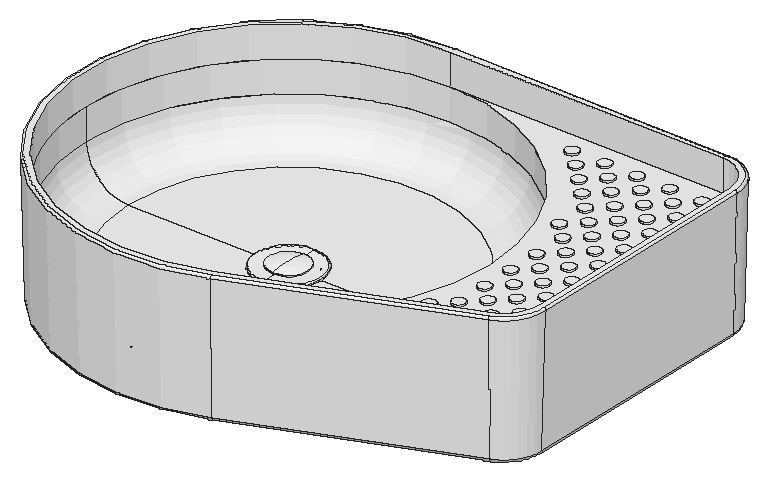
Revit family "Reece_Basin_LAUFEN_Val_Above Counter Basin_500 mm_Round", category Plumbing Fixtures, host Face, Revit 2018
Family settings
  Host = Face
  Round Connector Dimension = Use Diameter
  Part Type = Normal
  Cut with Voids When Loaded = Yes
  Shared = Yes
  Room Calculation Point = Yes
Parameters (values of type "500 mm_No Taphole_SaphirKeramik_White")
  WFU = 0
  URL = "https://www.reece.com.au/product/-9507981"
  Type Comments = "Basin"
  Reece_Taphole 1 = no
  Reece_Product_Web Page = "https://www.reece.com.au/product/-9507981"
  Reece_Product_Type = "Basin"  # constant formula
  Reece_Product_Sub Brand = "Val"  # constant formula
  Reece_Product_Number = "9507981"
  Reece_Product_Mount = "Above Counter"
  Reece_Product_Description = "LAUFEN Val Round Counter Basin with Overflow No Taphole 500mm White"
  Reece_Product_Brand = "LAUFEN"  # constant formula
  Reece_Overall_Width = 500 mm  # constant formula
  Reece_Overall_Height = 145 mm  # constant formula
  Reece_Overall_Depth = 400 mm  # constant formula
  Reece_Overall_Capacity = 3.50 L  # constant formula
  Reece_Material_Secondary = Reece_Brass_Chrome
  Reece_Material-Main = Reece_SaphirKeramik_White
  Reece_Detail_Installation = "Above Counter Basin"  # constant formula
  Reece_Detail_Disclaimer = "THIS FILE IS THE PROPERTY OF THE REECE GROUP. IT MAY NOT BE REPRODUCED, REVERSE-ENGINEERED OR MODIFIED. ANY REPUBLICATION, TRANSMISSION OR DISTRIBUTION FOR THE PURPOSE OF COMMERCIALLY EXPLOITING THE FILES IS PROHIBITED."  # constant formula
  Reece_Detail_Connector = "No Taphole"
  Reece_Detail_Additional = "Internal Texture, Overflow"  # constant formula
  Reece_Basin_Texture = yes
  Reece_Basin_Outlet = 40 mm  # constant formula
  Model = "Val"
  Manufacturer = "LAUFEN"
  Keynote = "Product #9507981, Reece_Basin_LAUFEN_Val_Above Counter Basin_500 mm_Round - 500 mm_No Taphole_SaphirKeramik_White"
  HWFU = 0
  Disclaimer = "THIS FILE IS THE PROPERTY OF THE REECE GROUP. IT MAY NOT BE REPRODUCED, REVERSE-ENGINEERED OR MODIFIED. ANY REPUBLICATION, TRANSMISSION OR DISTRIBUTION FOR THE PURPOSE OF COMMERCIALLY EXPLOITING THE FILES IS PROHIBITED."  # constant formula
  Description = "LAUFEN Val Round Counter Basin with Overflow No Taphole 500mm White"
  Default Elevation = 0 mm
  CWFU = 0
Types (3, lengths in mm): name | URL | Reece_Taphole 1 | Reece_Product_Web Page | Reece_Product_Number | Reece_Product_Description | Reece_Detail_Connector | Reece_Basin_Texture | Keynote | Description
  (no name) | "https://www.reece.com.au/product/-9506785" | yes | "https://www.reece.com.au/product/-9506785" | "9506785" | "LAUFEN Val Round Counter Basin with Overflow 1 Taphole 500mm White" | "1 Taphole" | no | "Product #9506785, Reece_Basin_LAUFEN_Val_Above Counter Basin_500 mm_Round -  " | "LAUFEN Val Round Counter Basin with Overflow 1 Taphole 500mm White"
  500 mm_No Taphole_SaphirKeramik_White | "https://www.reece.com.au/product/-9507981" | no | "https://www.reece.com.au/product/-9507981" | "9507981" | "LAUFEN Val Round Counter Basin with Overflow No Taphole 500mm White" | "No Taphole" | yes | "Product #9507981, Reece_Basin_LAUFEN_Val_Above Counter Basin_500 mm_Round - 500 mm_No Taphole_SaphirKeramik_White" | "LAUFEN Val Round Counter Basin with Overflow No Taphole 500mm White"
  500 mm_1 Taphole_SaphirKeramik_White | "https://www.reece.com.au/product/-9506785" | yes | "https://www.reece.com.au/product/-9506785" | "9506785" | "LAUFEN Val Round Counter Basin with Overflow 1 Taphole 500mm White" | "1 Taphole" | no | "Product #9506785, Reece_Basin_LAUFEN_Val_Above Counter Basin_500 mm_Round - 500 mm_1 Taphole_SaphirKeramik_White" | "LAUFEN Val Round Counter Basin with Overflow 1 Taphole 500mm White"
Reference planes
  plane 1 "Center (Front/Back)": y = -79.125
  plane 2 "Bottom": z = 0
  plane 3 "Center (Left/Right)": x = 0
  plane 4 "Top": z = 125
  plane 5: x = -200
  plane 6: x = 300
  plane 7: y = 120.875
  plane 8: y = -279.125
  plane 9: y = -174.125
  plane 10 "W": z = 25
  plane 11 "Texture": z = 95
  plane 12: z = -20
  plane 13: x = 235
  plane 14: y = 20.875
Forms (mm)
  Extrusion 1, solid, material "Reece_SaphirKeramik_White" <- "Reece_Material-Main"
    sketch origin (0, -79.125, 85) x (0.920155, 0.391555, 0) y (0, 0, 1)
      loop
        line (36.752, -104.8) -> (171.973, -92.655)
        arc (171.973, -92.655) -> (204.403, -76.593) -> (217.5, -42.856) r 50
        line (217.5, -42.856) -> (217.5, 0) -> (0, 0) -> (0, -105) -> (32.279, -105)
        arc (32.279, -105) -> (34.518, -104.95) -> (36.752, -104.8) r 50
    from -55 to 55
  Sweep 2, solid, material "Reece_SaphirKeramik_White" <- "Reece_Material-Main"
    path origin (0, 0, 0) x (1, 0, 0) y (0, 1, 0)
      loop
        arc (0, 120.875) -> (-196.362, -117.099) -> (74.566, -264.704) r 200
        line (74.566, -264.704) -> (274.913, -184.205)
        arc (274.913, -184.205) -> (293.14, -169.488) -> (300, -147.089) r 40
        line (300, -147.089) -> (300, 80.875)
        arc (300, 80.875) -> (288.284, 109.16) -> (260, 120.875) r 40
        line (260, 120.875) -> (0, 120.875)
    profile origin (300, -33.107, 0) x (1, 0, 0) y (0, 0, 1)
      loop
        line (-1.999, 125) -> (-7, 125) -> (-7, 0) -> (-5.265, 0)
        arc (-5.265, 0) -> (-3.87, 0.567) -> (-3.266, 1.946) r 2
        line (-3.266, 1.946) -> (0, 122.946)
        arc (0, 122.946) -> (-0.566, 124.395) -> (-1.999, 125) r 2
  Revolve 3, solid, material "Reece_SaphirKeramik_White" <- "Reece_Material-Main"
    sketch origin (0, -79.125, 0) x (1, 0, 0) y (0, 0, 1)
      loop
        line (-193, 95) -> (-195, 89.505) -> (-195, 48.845)
        arc (-195, 48.845) -> (-178.476, 27.906) -> (-153, 20) r 45
        line (-153, 20) -> (0, 20) -> (0, 25) -> (-153, 25)
        arc (-153, 25) -> (-181.284, 36.716) -> (-193, 65) r 40
        line (-193, 65) -> (-193, 95)
      axis (0, 20) -> (0, 95)
    angle from 0 to 360
  Extrusion 4, solid, material "Reece_SaphirKeramik_White" <- "Reece_Material-Main"
    sketch origin (0, 0, 125) x (-1, 0, 0) y (0, -1, 0)
      loop
        arc (0, -113.875) -> (-136.472, -57.347) -> (-193, 79.125) r 193
        arc (-193, 79.125) -> (-159.901, 187.202) -> (-71.957, 258.209) r 193
        line (-71.957, 258.209) -> (-272.303, 177.709)
        arc (-272.303, 177.709) -> (-287.341, 165.568) -> (-293, 147.089) r 33
        line (-293, 147.089) -> (-293, -80.875)
        arc (-293, -80.875) -> (-283.335, -104.21) -> (-260, -113.875) r 33
        line (-260, -113.875) -> (0, -113.875)
    from -30 to -35
  Extrusion 5, solid, material "Reece_SaphirKeramik_White" <- "Reece_Material-Main"
    sketch origin (0, 0, 0) x (1, 0, 0) y (0, 1, 0)
      loop
        circle (0, -79.125) r 26.59
      loop
        circle (0, -79.125) r 30
    from -20 to 21.288
  Extrusion 6, void
    sketch origin (619.2, -619.2, 0) x (1, 0, 0) y (0, 1, 0)
      loop
        circle (-619.2, 540.075) r 28.419
    from 25 to -20
  Revolve 7, void
    sketch origin (0, -79.125, 0) x (1, 0, 0) y (0, 0, 1)
      loop
        line (-195, 89.505) -> (-195, 48.845)
        arc (-195, 48.845) -> (-178.476, 27.906) -> (-153, 20) r 45
        line (-153, 20) -> (0, 20) -> (0, 89.505) -> (-195, 89.505)
      axis (0, 20) -> (0, 89.505)
    angle from 0 to 360
  Extrusion 8, void
    sketch origin (99.964, 387.255, 0) x (0.391555, -0.920155, 0) y (0, 0, 1)
      loop
        arc (350, 80) -> (345, 75) -> (350, 70) r 5
        line (350, 70) -> (430, 70)
        arc (430, 70) -> (435, 75) -> (430, 80) r 5
        line (430, 80) -> (350, 80)
    from 35.686 to 115.033
  Extrusion 9, void
    sketch origin (29.575, -5.735, 0) x (0.927519, -0.373776, 0) y (0.373776, 0.927519, 0)
      loop
        line (21.213, -100.338) -> (38.891, -118.016) -> (192.687, 35.78) -> (187.866, 40.601) -> (21.213, -100.338)
      loop
        line (-38.891, -40.234) -> (-21.213, -57.911) -> (119.725, 108.742) -> (114.905, 113.562) -> (-38.891, -40.234)
    from -52.331 to 186.339
  Extrusion 10, solid, material "Reece_SaphirKeramik_White" <- "Reece_Material-Main", detail levels fine
    sketch origin (0, 0, 95) x (-1, 0, 0) y (0, -1, 0)
      loop
        circle (-132.705, -93.606) r 6
      loop
        circle (-163.705, -93.606) r 6
      loop
        circle (-194.705, -93.606) r 6
      loop
        circle (-225.705, -93.606) r 6
      loop
        circle (-256.705, -93.606) r 6
      loop
        circle (-148.205, -78.106) r 6
      loop
        circle (-179.205, -78.106) r 6
      loop
        circle (-210.205, -78.106) r 6
      loop
        circle (-241.205, -78.106) r 6
      loop
        circle (-272.205, -78.106) r 6
      loop
        circle (-163.705, -62.606) r 6
      loop
        circle (-194.705, -62.606) r 6
      loop
        circle (-225.705, -62.606) r 6
      loop
        circle (-256.705, -62.606) r 6
      loop
        circle (-194.705, -31.606) r 6
      loop
        circle (-256.705, -31.606) r 6
      loop
        circle (-194.705, -0.606) r 6
      loop
        circle (-225.705, -0.606) r 6
      loop
        circle (-256.705, -0.606) r 6
      loop
        circle (-225.705, 30.394) r 6
      loop
        circle (-256.705, 30.394) r 6
      loop
        circle (-225.705, 61.394) r 6
      loop
        circle (-256.705, 61.394) r 6
      loop
        circle (-225.705, 92.394) r 6
      loop
        circle (-256.705, 92.394) r 6
      loop
        circle (-225.705, 123.394) r 6
      loop
        circle (-256.705, 123.394) r 6
      loop
        circle (-194.705, 154.394) r 6
      loop
        circle (-225.705, 154.394) r 6
      loop
        circle (-256.705, 154.394) r 6
      loop
        circle (-194.705, 185.394) r 6
      loop
        circle (-179.205, -47.106) r 6
      loop
        circle (-210.205, -47.106) r 6
      loop
        circle (-241.205, -47.106) r 6
      loop
        circle (-272.205, -47.106) r 6
      loop
        circle (-210.205, -16.106) r 6
      loop
        circle (-272.205, -16.106) r 6
      loop
        circle (-210.205, 14.894) r 6
      loop
        circle (-241.205, 14.894) r 6
      loop
        circle (-272.205, 14.894) r 6
      loop
        circle (-210.205, 45.894) r 6
      loop
        circle (-241.205, 45.894) r 6
      loop
        circle (-272.205, 45.894) r 6
      loop
        circle (-210.205, 76.894) r 6
      loop
        circle (-241.205, 76.894) r 6
      loop
        circle (-272.205, 76.894) r 6
      loop
        circle (-210.205, 107.894) r 6
      loop
        circle (-241.205, 107.894) r 6
      loop
        circle (-272.205, 107.894) r 6
      loop
        circle (-210.205, 138.894) r 6
      loop
        circle (-241.205, 138.894) r 6
      loop
        circle (-272.205, 138.894) r 6
      loop
        circle (-210.205, 169.894) r 6
      loop
        circle (-241.205, 169.894) r 6
    from 0 to 1
  Extrusion 11, void
    sketch origin (99.964, 387.255, 0) x (0.391555, -0.920155, 0) y (0, 0, 1)
      loop
        arc (350, 80) -> (345, 75) -> (350, 70) r 5
        line (350, 70) -> (430, 70)
        arc (430, 70) -> (435, 75) -> (430, 80) r 5
        line (430, 80) -> (350, 80)
    from 66.515 to 115.033
  Extrusion 12, void
    sketch origin (0, 0, 0) x (1, 0, 0) y (0, 1, 0)
      loop
        circle (0, -79.125) r 40
    from -20 to 20
  Extrusion 13, solid, material "Reece_SaphirKeramik_White" <- "Reece_Material-Main", visible <- "Reece_Basin_Texture", detail levels fine
    sketch origin (0, 0, 95) x (-1, 0, 0) y (0, -1, 0)
      loop
        circle (-241.205, -16.106) r 6
      loop
        circle (-225.705, -31.606) r 6
    from 0 to 1
  Extrusion 14, void
    sketch origin (0, 0, 0) x (1, 0, 0) y (0, 1, 0)
      loop
        arc (220.109, -58.993) -> (235.049, -45.556) -> (235.275, -25.465) r 25
        line (235.275, -25.465) -> (201.799, 53.204)
        arc (201.799, 53.204) -> (187.164, 66.972) -> (167.124, 65.523) r 25
        line (167.124, 65.523) -> (-20.44, -33.493)
        arc (-20.44, -33.493) -> (-43.18, -97.499) -> (18.709, -125.492) r 50.166
        line (18.709, -125.492) -> (220.109, -58.993)
    from 0 to -40
  Extrusion 15, void
    sketch origin (0, 0, 0) x (1, 0, 0) y (0, 1, 0)
      loop
        circle (0, -79.125) r 35
    from -80 to 0
Cuts and joins
  Extrusion 6, Revolve 7, Extrusion 9, Extrusion 11 cuts Extrusion 1
  Extrusion 6, Extrusion 11 cuts Sweep 2
  Extrusion 6, Extrusion 8, Extrusion 11 cuts Revolve 3
  Extrusion 6, Extrusion 11 cuts Extrusion 4
  Extrusion 11 cuts Extrusion 5
  joined: Extrusion 1, Sweep 2, Revolve 3, Extrusion 4, Extrusion 5
Lines and regions (mm)
  model lines, visible <- "Reece_Taphole 1"
    curve 1: circle (235, 20.875, 95) r 15 normal (0, 0, 1)
Text (mm)
  text "Reece Copyright © 2018, Reece Ltd." at (-902.343, -740.328, 0), in view "Ref. Level"
  text "Reece ©" at (44.384, 258.95, 192.345), in view "Reece Preview"
Dimensions and locks
  plane 4 "Top" to host face = 125 mm
  plane 4 "Top" to level = 125 mm
  "Reece_Overall_Width": plane 5 to plane 6
  "Reece_Overall_Depth": plane 8 to plane 7
  plane 5 to plane 3 "Center (Left/Right)" = 200 mm
  plane 5 to plane 13 = 435 mm
  plane 14 to plane 7 = 100 mm
  plane 1 "Center (Front/Back)" to plane 7 = 200 mm
  plane 9 to plane 7 = 295 mm
  plane 6 to plane 5 = 500 mm  (x2)
  "Reece_Overall_Height": plane 12 to plane 4 "Top"
  plane 7 to plane 8 = 400 mm
  plane 4 "Top" to plane 12 = 145 mm  (x2)
  plane 8 to plane 7 = 400 mm
  plane 4 "Top" to plane 2 "Bottom" = 125 mm
  plane 2 "Bottom" to plane 4 "Top" = 125 mm
  aligned and locked: plane 2 "Bottom" to host face
  aligned and locked: level to host face
Automatic sketch dimensions
  host sketch curve to host sketch curve = 701.051 mm
  host sketch curve to host sketch curve = 480.134 mm
  Sweep 2 sketch curve to plane 3 "Center (Left/Right)" = 0 mm
  plane 7 to Sweep 2 sketch curve = 0 mm
  Sweep 2 sketch curve to plane 6 = 0 mm
  plane 1 "Center (Front/Back)" to Sweep 2 sketch curve = 0 mm
  Sweep 2 sketch curve to plane 8 = 14.42 mm
  plane 13 to Sweep 2 sketch curve = 25 mm  (x2)
  plane 9 to Sweep 2 sketch curve = 10.08 mm
  Sweep 2 sketch curve to plane 6 = 25.087 mm
  Sweep 2 sketch curve to level = 0 mm
  profile plane to Sweep 2 sketch curve = 0 mm
  profile plane to Sweep 2 sketch curve = 1.999 mm
  level to Sweep 2 sketch curve = 1.946 mm
  profile plane to Sweep 2 sketch curve = 3.266 mm
  Sweep 2 sketch curve to Sweep 2 sketch curve = 1.999 mm
  Sweep 2 sketch curve to Sweep 2 sketch curve = 5.001 mm
  Sweep 2 sketch curve to Sweep 2 sketch curve = 121 mm
  Sweep 2 sketch curve to Sweep 2 sketch curve = 0.054 mm
  Revolve 3 sketch curve to Revolve 3 sketch curve = 0 mm  (x3)
  Revolve 3 sketch curve to plane 11 "Texture" = 0 mm
  Revolve 3 sketch curve to plane 10 "W" = 0 mm
  Revolve 3 sketch curve to plane 3 "Center (Left/Right)" = 0 mm  (x2)
  Revolve 3 sketch curve to plane 11 "Texture" = 30 mm
  plane 5 to Revolve 3 sketch curve = 47 mm
  plane 5 to Revolve 3 sketch curve = 5 mm
  Revolve 3 sketch curve to Revolve 3 sketch curve = 5 mm
  Revolve 3 sketch curve to plane 11 "Texture" = 5.495 mm
  Revolve 3 sketch curve to plane 4 "Top" = 10 mm
  Extrusion 4 sketch curve to Extrusion 4 sketch curve = 0 mm  (x3)
  plane 1 "Center (Front/Back)" to Extrusion 4 sketch curve = 0 mm
  Extrusion 4 sketch curve to plane 3 "Center (Left/Right)" = 0 mm  (x2)
  plane 13 to Extrusion 4 sketch curve = 25 mm  (x2)
  plane 9 to Extrusion 4 sketch curve = 3.585 mm
  Extrusion 4 sketch curve to plane 6 = 27.697 mm
  Extrusion 4 sketch curve to plane 6 = 7 mm
  plane 7 to Extrusion 4 sketch curve = 40 mm
  Extrusion 4 sketch curve to plane 8 = 20.916 mm
  plane 3 "Center (Left/Right)" to Extrusion 4 sketch curve = 71.957 mm
  Extrusion 4 sketch curve to plane 13 = 42 mm
  Extrusion 5 sketch curve to Extrusion 5 sketch curve = 0 mm  (x6)
  Extrusion 5 sketch curve to plane 3 "Center (Left/Right)" = 0 mm
  plane 1 "Center (Front/Back)" to Extrusion 5 sketch curve = 0 mm
  plane 1 "Center (Front/Back)" to Extrusion 5 sketch curve = 26.59 mm
  plane 1 "Center (Front/Back)" to Extrusion 6 sketch curve = 0 mm
  Extrusion 6 sketch curve to plane 3 "Center (Left/Right)" = 0 mm
  Revolve 7 sketch curve to plane 3 "Center (Left/Right)" = 0 mm  (x2)
  Revolve 7 sketch curve to plane 10 "W" = 5 mm
  plane 5 to Revolve 7 sketch curve = 47 mm
  plane 5 to Revolve 7 sketch curve = 5 mm
  level to Revolve 7 sketch curve = 48.845 mm
  Revolve 7 sketch curve to plane 11 "Texture" = 5.495 mm
  Revolve 7 sketch curve to Revolve 7 sketch curve = 0 mm
  plane 4 "Top" to Revolve 7 sketch curve = 9.505 mm
  Extrusion 10 sketch curve to plane 6 = 27.795 mm  (x8)
  Extrusion 10 sketch curve to plane 1 "Center (Front/Back)" = 2.231 mm  (x3)
  plane 14 to Extrusion 10 sketch curve = 4.769 mm  (x2)
  plane 13 to Extrusion 10 sketch curve = 21.705 mm  (x9)
  Extrusion 10 sketch curve to plane 14 = 10.731 mm  (x2)
  plane 13 to Extrusion 10 sketch curve = 6.205 mm  (x8)
  Extrusion 10 sketch curve to plane 13 = 9.295 mm  (x8)
  Extrusion 10 sketch curve to Extrusion 10 sketch curve = 15.5 mm  (x55)
  Extrusion 10 sketch curve to plane 9 = 4.231 mm  (x2)
  plane 14 to Extrusion 10 sketch curve = 20.269 mm  (x3)
  Extrusion 10 sketch curve to plane 1 "Center (Front/Back)" = 17.731 mm  (x2)
  plane 1 "Center (Front/Back)" to Extrusion 10 sketch curve = 13.269 mm  (x2)
  Extrusion 10 sketch curve to plane 9 = 19.731 mm  (x3)
  plane 9 to Extrusion 10 sketch curve = 11.269 mm
  curve 1 to plane 13 = 0 mm
  plane 14 to curve 1 = 0 mm
  plane 1 "Center (Front/Back)" to Extrusion 12 sketch curve = 0 mm
  Extrusion 12 sketch curve to plane 3 "Center (Left/Right)" = 0 mm
  Extrusion 13 sketch curve to Extrusion 13 sketch curve = 0 mm  (x4)
  Extrusion 13 sketch curve to plane 13 = 9.295 mm
  plane 13 to Extrusion 13 sketch curve = 6.205 mm
  Extrusion 13 sketch curve to plane 14 = 10.731 mm
  plane 14 to Extrusion 13 sketch curve = 4.769 mm
  Extrusion 13 sketch curve to Extrusion 13 sketch curve = 6 mm  (x2)
  plane 1 "Center (Front/Back)" to Extrusion 15 sketch curve = 0 mm
  Extrusion 15 sketch curve to plane 3 "Center (Left/Right)" = 0 mm
  Extrusion 1 sketch curve to plane 12 = 0 mm
  Extrusion 1 sketch curve to Extrusion 1 sketch curve = 32.279 mm
  plane 12 to Extrusion 1 sketch curve = 0.2 mm
  Extrusion 1 sketch curve to Extrusion 1 sketch curve = 4.473 mm  (x2)
  plane 10 "W" to Extrusion 1 sketch curve = 17.144 mm
  Extrusion 1 sketch curve to Extrusion 1 sketch curve = 135.221 mm
  Extrusion 1 sketch curve to level = 7.655 mm
  Extrusion 1 sketch curve to plane 11 "Texture" = 10 mm
  Extrusion 9 sketch curve to plane 3 "Center (Left/Right)" = 21.536 mm
  plane 14 to Extrusion 9 sketch curve = 49.391 mm
  Extrusion 9 sketch curve to Extrusion 9 sketch curve = 17.678 mm  (x4)
  Extrusion 9 sketch curve to Extrusion 9 sketch curve = 42.426 mm  (x2)
  Extrusion 9 sketch curve to Extrusion 9 sketch curve = 153.796 mm
  Extrusion 9 sketch curve to Extrusion 9 sketch curve = 4.82 mm  (x2)
  Extrusion 9 sketch curve to Extrusion 9 sketch curve = 68.141 mm
  Extrusion 14 sketch curve to plane 3 "Center (Left/Right)" = 20.44 mm
  Extrusion 14 sketch curve to plane 1 "Center (Front/Back)" = 1.268 mm
  plane 3 "Center (Left/Right)" to Extrusion 14 sketch curve = 2.98 mm
  plane 3 "Center (Left/Right)" to Extrusion 14 sketch curve = 18.709 mm
  Extrusion 14 sketch curve to plane 13 = 67.876 mm
  Extrusion 14 sketch curve to Extrusion 14 sketch curve = 11.671 mm
  Extrusion 14 sketch curve to Extrusion 14 sketch curve = 23.004 mm
  Extrusion 14 sketch curve to plane 13 = 22.729 mm
  Extrusion 14 sketch curve to plane 13 = 14.891 mm
  plane 13 to Extrusion 14 sketch curve = 0.275 mm
  plane 1 "Center (Front/Back)" to Extrusion 14 sketch curve = 46.368 mm
  Extrusion 14 sketch curve to plane 1 "Center (Front/Back)" = 20.132 mm
  Extrusion 14 sketch curve to Extrusion 14 sketch curve = 23.739 mm
  Extrusion 14 sketch curve to plane 14 = 22.54 mm
  Extrusion 14 sketch curve to Extrusion 14 sketch curve = 9.789 mm
  Extrusion 11 sketch curve to plane 11 "Texture" = 15 mm
  Extrusion 11 sketch curve to Extrusion 11 sketch curve = 80 mm
  Extrusion 11 sketch curve to Extrusion 11 sketch curve = 5 mm
  Extrusion 8 sketch curve to plane 11 "Texture" = 15 mm
  Extrusion 8 sketch curve to Extrusion 8 sketch curve = 80 mm
  Extrusion 8 sketch curve to Extrusion 8 sketch curve = 5 mm
  radius of Extrusion 5 sketch curve = 30 mm
  radius of Extrusion 6 sketch curve = 28.419 mm
  radius of Extrusion 10 sketch curve = 6 mm  (x54)
  radius of curve 1 = 15 mm
  radius of Extrusion 12 sketch curve = 40 mm
  radius of Extrusion 15 sketch curve = 35 mm
Nested families
  nested 1: "Reece_Basin_Standard_Waste Plug_Nested" at (0, -79.125, 25) x (0, 1, 0) z (0, 0, 1), Reece_Material_Secondary <- "Reece_Material_Secondary", type "Reece_Basin_Standard_Waste Plug_Nested"
    with Reece_Waste Plug_Depth 45 mm, Reece_Material_Secondary Reece_Brass_Chrome
Connectors
  piping at (0, -79.125, -20), diameter 40, driven by "Reece_Basin_Outlet"
    settings: on nested 1, index 1, connector inside diameter 609.6 mm, connector length 0 mm, flow factor 0, pipe flow 0.0 L/s, pressure drop 0.0 Pa, fitting loss kfactor 0, connector angle 0.00°, fixture units 0, engagement length 0 mm, angle of deflection 0.00°, flow configuration 0, flow direction 2, fitting loss method 0, system type 16, joint type 0, gender type 0, connector reference index -1, connector utility 0, adjustable connector no, is connector primary yes, connector description ""
Definition of nested family "Reece_Basin_Standard_Waste Plug_Nested"
  Parameters (values of type "Reece_Basin_Standard_Waste Plug_Nested")
    Waste Connection = no
    WFU = 0  # constant formula
    Vent Connection = no
    Reece_Waste Plug_Depth [instance] = 55 mm
    Reece_Product_Web Page = ""
    Reece_Product_Type = ""
    Reece_Product_Sub Brand = ""
    Reece_Product_Number = ""
    Reece_Product_Mount = ""
    Reece_Product_Description = ""
    Reece_Product_Brand = ""
    Reece_Overall_Width = 0 mm
    Reece_Overall_Length = 0 mm
    Reece_Overall_Height = 0 mm
    Reece_Material_Secondary [instance] = none
    Reece_Detail_Shape = ""
    Reece_Detail_Additional = ""
    HWFU = 0  # constant formula
    HW Connection = no
    Default Elevation = 0 mm
    CWFU = 0  # constant formula
    CW Connection = no
  Reference planes
    plane 1 "Center (Front/Back)": y = 0
    plane 2 "Bottom": z = 0
    plane 3 "Center (Left/Right)": x = 0
    plane 4 "Top": z = 218.011
  Forms (mm)
    Extrusion 1, solid
      sketch origin (619.2, -619.2, 0) x (1, 0, 0) y (0, 1, 0)
        loop
          line (-809.2, 779.2) -> (-809.2, 461.779) -> (-428.415, 461.779) -> (-428.415, 779.2) -> (-809.2, 779.2)
      from 0 to -9.564
    Revolve 2, solid, material <- "Reece_Material_Secondary"
      sketch origin (0, 0, 0) x (1, 0, 0) y (0, 0, 1)
        loop
          line (30.411, 1.945) -> (15.522, 1.165) -> (15.522, 2.432) -> (18.114, 2.432) -> (18.38, 3.422)
          arc (18.38, 3.422) -> (9.258, 5.039) -> (0, 5.354) r 65.538
          line (0, 5.354) -> (0, -55) -> (24.59, -55) -> (24.59, 0) -> (31.463, 0) -> (31.463, 0.946)
          arc (31.463, 0.946) -> (31.151, 1.672) -> (30.411, 1.945) r 1
        axis (0, -55) -> (0, 5.354)
      angle from 0 to 360
  Text (mm)
    text "Reece Copyright © 2018, Reece Ltd." at (-1403.988, -1192.393, 0), in view "Ref. Level"
    text "Reece ©" at (44.384, 258.95, 192.345), in view "Reece Preview"
  Dimensions and locks
    "Reece_Waste Plug_Depth": plane 2 "Bottom" to Revolve 2
    aligned and locked: plane 2 "Bottom" to Extrusion 1
    aligned and locked: level to Extrusion 1
  Automatic sketch dimensions
    Extrusion 1 sketch curve to Extrusion 1 sketch curve = 380.785 mm
    Extrusion 1 sketch curve to Extrusion 1 sketch curve = 317.421 mm
    Revolve 2 sketch curve to plane 3 "Center (Left/Right)" = 0 mm  (x2)
    Revolve 2 sketch curve to level = 0 mm
    plane 3 "Center (Left/Right)" to Revolve 2 sketch curve = 2.408 mm
    level to Revolve 2 sketch curve = 1.165 mm
    plane 3 "Center (Left/Right)" to Revolve 2 sketch curve = 15.522 mm
    level to Revolve 2 sketch curve = 2.432 mm
    Revolve 2 sketch curve to Revolve 2 sketch curve = 2.592 mm
    level to Revolve 2 sketch curve = 3.422 mm
    Revolve 2 sketch curve to Revolve 2 sketch curve = 0.265 mm
    Revolve 2 sketch curve to Revolve 2 sketch curve = 22.182 mm
    level to Revolve 2 sketch curve = 1.945 mm
    Revolve 2 sketch curve to Revolve 2 sketch curve = 5.82 mm
    Revolve 2 sketch curve to Revolve 2 sketch curve = 0.052 mm
    Revolve 2 sketch curve to Revolve 2 sketch curve = 1 mm
    Revolve 2 sketch curve to level = 55 mm
    Revolve 2 sketch curve to Revolve 2 sketch curve = 5.139 mm
    Revolve 2 sketch curve to Revolve 2 sketch curve = 5.221 mm
    Revolve 2 sketch curve to Revolve 2 sketch curve = 12.687 mm
